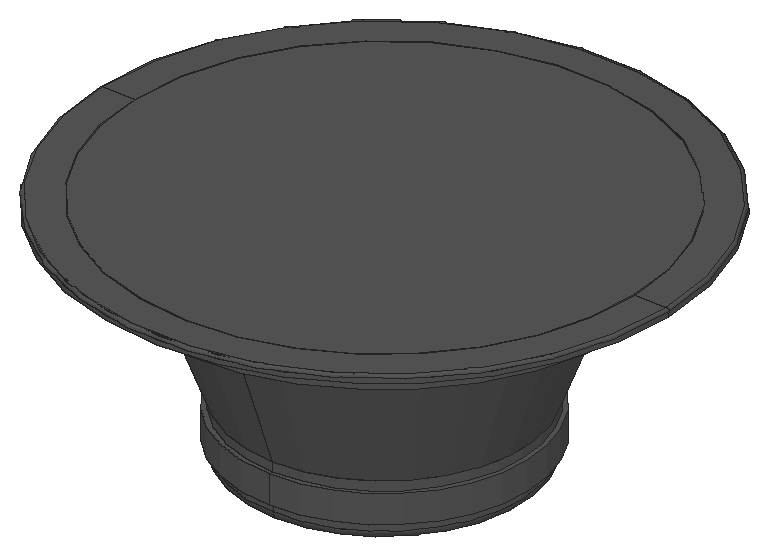
Revit family "Electronics_Commercial-Loudspeakers_Two-Way-Loudspeaker_CM20T", category Communication Devices, host Face, Revit 2020
Family settings
  Host = Face
  Maintain Annotation Orientation = No
  Round Connector Dimension = Use Diameter
  Part Type = Normal
  OmniClass Number = 23.85.10.11.14.14.14
  OmniClass Title = Loudspeakers
  Cut with Voids When Loaded = No
  Shared = No
  Room Calculation Point = No
Parameters (values of type "CM20T B")
  Grill Material = Biamp - Plastic - Black(Grid)
  Frequency response in Hz = "60 - 20K"  # constant formula
  Woofer size in inch = "6.5"  # constant formula
  Vertical dispersion angle 1000 Hz = "180°"  # constant formula
  Tweeter size in inch = "1"  # constant formula
  SPL 1W/1m in dB = "86"  # constant formula
  Max SPL 1m in dB = "104"  # constant formula
  Woofer cone material = "Polypropylene"  # constant formula
  Weight = 3.08647 lbf  # constant formula
  URL = "https://www.biamp.com/"
  Product data url = "https://bimobject.com/biamp/product/cm20t_commercial-loudspeakers-ceiling"
  Product Page URL = "https://www.biamp.com/products/product-families/commercial-loudspeakers/ceiling-loudspeakers#cm20t"
  Product Documentation Link = "https://downloads.biamp.com/assets/docs/default-source/data-sheets/biamp_data_sheet_cm20t_aug20.pdf"
  Mounting system = "3 screws"  # constant formula
  Model = "CM20T B"
  Manufacturer = "Biamp"  # constant formula
  Main construction material = "ABS plastic"  # constant formula
  Low impedance dynamic power in watts = "60"  # constant formula
  Low impedance RMS power in watts = "30"  # constant formula
  Loudspeaker system = "2-way"  # constant formula
  Installation grip range in mm = "2 - 25"  # constant formula
  Impedance in ohms = "16"  # constant formula
  IP rating = "54"  # constant formula
  Housing Material = Biamp - Plastic - Black
  Grille main material = "Aluminium"  # constant formula
  Diameter = 0' - 8.07087"  # constant formula
  Description = "CM20T 6.5 Two-Way Loudspeaker, White"  # constant formula
  Depth = 0' - 3.14961"  # constant formula
  Default Elevation = 4' - 0"
  Cutout in mm = "186"  # constant formula
  Connector Description = "Terminal strip; Low impedance 16 ohms, 70/100V operation"  # constant formula
  Colour = "Black"
  Closest RAL colour (subject to deviations) = "RAL9010 (W) / RAL9011 (BL)"  # constant formula
  Applicable low impedance = "Yes"  # constant formula
  Applicable in 100V = "Yes"  # constant formula
  70V transformer power taps in = "20 - 10 - 5 - 2.5"  # constant formula
  100V transformer power taps in = "20 - 10 - 5"  # constant formula
Types (2): name | Grill Material | Model | Housing Material | Colour
  CM20T W | Biamp - Plastic - White(Grid) | "CM20T W" | Biamp - Plastic - White | "White"
  CM20T B | Biamp - Plastic - Black(Grid) | "CM20T B" | Biamp - Plastic - Black | "Black"
Reference planes (in)
  plane 1 "Center (Front/Back)": y = 0
  plane 2: z = 0
  plane 3 "Center (Left/Right)": x = 0
Forms (in)
  Extrusion 1, solid, material "Biamp - Plastic - Black" <- "Housing Material", detail levels coarse
    sketch origin (0, 0, 0) x (1, 0, 0) y (0, 1, 0)
      loop
        circle (0, 0) r 3.46989
    from -3.14961 to 0
  Extrusion 2, void
    sketch origin (0, 0, 0) x (1, 0, 0) y (0, 1, 0)
      loop
        circle (0, 0) r 3.46989
    from -3.14961 to 0
  Revolve 3, solid, material "Biamp - Plastic - Black" <- "Housing Material", detail levels medium+fine
    sketch origin (0, 0, 0) x (1, 0, 0) y (0, 0, 1)
      loop
        line (0, 0) -> (0, 0.10089) -> (-3.99697, 0.10089)
        arc (-3.99697, 0.10089) -> (-4.02417, 0.08962) -> (-4.03543, 0.06243) r 0.03846
        line (-4.03543, 0.06243) -> (-4.03543, 0) -> (0, 0)
      axis (0, 0) -> (0, 0.10089)
    angle from 0 to 360
  Revolve 4, solid, material "Biamp - Plastic - Black" <- "Housing Material", detail levels medium+fine
    sketch origin (0, 0, 0) x (0, 1, 0) y (0, 0, 1)
      loop
        line (0, 0) -> (-3.46988, 0) -> (-3.46988, -0.3937) -> (-2.73966, -0.3937) -> (-1.97064, -2.39708) -> (-1.97064, -2.52189) -> (-2.0354, -2.52189) -> (-2.0354, -2.91413) -> (-1.96697, -2.91413) -> (-1.96697, -3.03532)
        arc (-1.96697, -3.03532) -> (-1.9335, -3.11613) -> (-1.85269, -3.14961) r 0.11428
        line (-1.85269, -3.14961) -> (0, -3.14961) -> (0, 0)
      axis (0, 0) -> (0, -3.14961)
    angle from 0 to 360
  Extrusion 5, void
    sketch origin (0, 0.24606, 0) x (1, 0, 0) y (0, 1, 0)
      loop
        circle (0, -0.93002) r 0.59055
    from -3.30823 to -3.09905
  Revolve 6, solid, material "Biamp - Plastic - Black" <- "Housing Material", detail levels coarse
    sketch origin (0, 0, 0) x (1, 0, 0) y (0, 0, 1)
      loop
        line (0, 0) -> (0, 0.10089) -> (-3.99697, 0.10089)
        arc (-3.99697, 0.10089) -> (-4.02417, 0.08962) -> (-4.03543, 0.06243) r 0.03846
        line (-4.03543, 0.06243) -> (-4.03543, 0) -> (0, 0)
      axis (0, 0) -> (0, 0.10089)
    angle from 0 to 360
  Extrusion 7, void
    sketch origin (0, 0, 0) x (1, 0, 0) y (0, 1, 0)
      loop
        circle (0, 0) r 3.54331
    from 0 to 0.38008
  Extrusion 8, solid, material "Biamp - Plastic - Black(Grid)" <- "Grill Material", detail levels medium+fine
    sketch origin (0, 0, 0) x (1, 0, 0) y (0, 1, 0)
      loop
        circle (0, 0) r 3.54331
    from 0 to 0.10089
Cuts and joins
  Extrusion 5, Extrusion 7 cuts Extrusion 1
  Extrusion 5, Extrusion 7 cuts Revolve 3
  Extrusion 5, Extrusion 7 cuts Revolve 4
Lines and regions (in)
  Masking region 1
    outline origin (0, 0, 0) x (1, 0, 0) y (0, 0, 1)
      loop
        line (-3.46825, 0) -> (-3.46825, -3.14961) -> (3.46343, -3.14961) -> (3.46343, 0) -> (-3.46825, 0)
  Masking region 2
    outline origin (0, 0, 0) x (1, 0, 0) y (0, 0, 1)
      loop
        line (-4.03644, 0) -> (4.03644, 0) -> (4.03644, 0.06237)
        arc (4.03644, 0.06237) -> (4.02516, 0.0896) -> (3.99792, 0.10089) r 0.03852
        line (3.99792, 0.10089) -> (-3.99792, 0.10089)
        arc (-3.99792, 0.10089) -> (-4.02516, 0.0896) -> (-4.03644, 0.06237) r 0.03852
        line (-4.03644, 0.06237) -> (-4.03644, 0)
  Masking region 3
    outline origin (0, 0, 0) x (1, 0, 0) y (0, 1, 0)
      loop
        circle (0, 0) r 4.03543
  Masking region 4
    outline origin (0, 0, 0) x (1, 0, 0) y (0, 1, 0)
      loop
        circle (0, 0) r 3.54331
Dimensions and locks (in)
  aligned and locked: plane 2 to host face
  aligned and locked: level to host face
Connectors (in)
  electrical at (0, -0.68396, -3.09905), driven by "Connector Description"
    settings: on cut or joined group of Extrusion 1, Extrusion 5, Extrusion 7, index 1, voltage 0 V, apparent load 0 VA, apparent load phase1 0 VA, apparent load phase2 0 VA, apparent load phase3 0 VA, power factor 1, load classification "Other", number of poles 1, system type 5, power factor state 1, is connector primary yes, connector utility no, sub classification motor no, connector description "Terminal strip; Low impedance 16 ohms, 70/100V operation"
